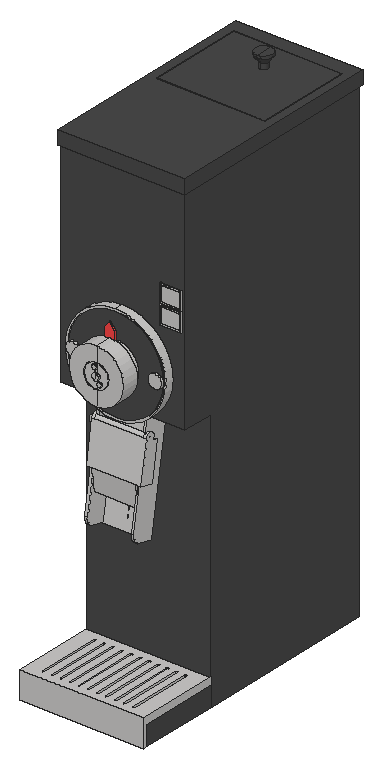
Revit family "QF_ELECTROLUXPROFESSIONAL_600659_E875B", category Specialty Equipment, Revit 2018
Family settings
  Round Connector Dimension = Use Diameter
  Part Type = Normal
  Work Plane-Based = No
  Always vertical = Yes
  Cut with Voids When Loaded = No
  Shared = No
  Room Calculation Point = No
Parameters
  Weight = 0.00 lbm
  Watts = 0 W
  Volts = 230 V
  URL Manufacturer = "http://professional.electrolux.com"
  URL = "http://professional.electrolux.com"
  Steam Supply Size = 0 mm
  Steam Supply Minimum Pressure = 0.00 psi
  Steam Supply Maximum Pressure = 0.00 psi
  Steam Pounds per Hour = 0
  Show Clearance [instance] = yes
  Refrigeration Suction Line Size = 0 mm
  Refrigeration Liquid Line Size = 0 mm
  Refrigerant Compressor Remote = yes
  Phase = 1
  Model = "E875B"
  Manufacturer = "Electrolux"
  Length Actual = 178 mm  # constant formula
  Item Number = "600659"
  Hot Water Size = 0 mm
  Height Actual = 711 mm  # constant formula
  HP = "1.1 HP"
  Gas Size = 0 mm
  Gas KW = 0
  Gas Input Pressure = 0.0 Btu/h
  Direct Waste Size = 0 mm
  Description = "GRINDER. ONE 1.4 KG HOPPER - BLACK"
  Depth Actual = 381 mm  # constant formula
  Cycle = 50 Hz
  Condensate Return Size = 0 mm
  Compressed Air Volume = 0 GPM
  Compressed Air Size = 0 mm
  Compressed Air Pressure = 0.00 psi
  Cold Water Size = 0 mm
  Accessory = yes
Reference planes
  plane 1 "BACK": y = 0
  plane 2: z = 0
  plane 3 "LEFT": x = 0
  plane 4 "RIGHT": x = 177.8
  plane 5 "FRONT": y = -381
  plane 6 "TOP": z = 685.8
  plane 7 "Center Y": x = 88.9
  plane 8 "Center X": y = -190.5
  plane 9: y = -355.6
  plane 10: z = 368.3
  plane 11: z = 38.1
  plane 12: z = 247.65
  plane 13: z = 426.161
Forms (mm)
  Extrusion 1, solid, material "QF_Plastic - Black - Smooth"
    sketch origin (0, 0, 0) x (0, 1, 0) y (0, 0, 1)
      loop
        line (-309.442, 666.75) -> (-309.442, 368.3) -> (-264.385, 368.3) -> (-264.385, 0) -> (-3.747, 0) -> (-3.747, 666.75) -> (-309.442, 666.75)
    from 2.013 to 175.787
  Extrusion 2, solid, material "QF_Metal - Stainless - Polished"
    sketch origin (0, -309.442, 666.75) x (0, 0, -1) y (1, 0, 0)
      loop
        circle (240.589, 88.9) r 69.85
      loop
        circle (240.589, 88.9) r 67.38
    from 0 to 12.481
  Extrusion 3, solid, material "QF_Plastic - Black - Smooth"
    sketch origin (0, -309.442, 666.75) x (0, 0, -1) y (1, 0, 0)
      loop
        circle (240.589, 88.9) r 67.38
    from 0 to 12.481
  Extrusion 4, solid, material "QF_Metal - Stainless - Polished"
    sketch origin (88.9, -355.6, 426.952) x (0, 0, 1) y (-1, 0, 0)
      loop
        circle (10.204, 2.254) r 3.175
      loop
        circle (-10.006, -4.691) r 3.175
    from 0 to 0.794
  Extrusion 5, solid, material "QF_Metal - Stainless - Polished"
    sketch origin (0, -309.442, 666.75) x (0, 0, -1) y (1, 0, 0)
      loop
        line (124.105, 142.513) -> (149.505, 142.513) -> (149.505, 171.705) -> (124.105, 171.705) -> (124.105, 142.513)
      loop
        line (176.95, 142.513) -> (176.95, 171.705) -> (151.55, 171.705) -> (151.55, 142.513) -> (176.95, 142.513)
      loop
        line (125.692, 170.117) -> (125.692, 144.101) -> (147.917, 144.101) -> (147.917, 170.117) -> (125.692, 170.117)
      loop
        line (153.138, 170.117) -> (153.138, 144.101) -> (175.363, 144.101) -> (175.363, 170.117) -> (153.138, 170.117)
    from 0 to 1.588
  Extrusion 6, solid, material "QF_Metal - Stainless - Polished"
    sketch origin (0, -309.442, 666.75) x (0, 0, -1) y (1, 0, 0)
      loop
        line (147.917, 144.101) -> (147.917, 170.117) -> (125.692, 170.117) -> (125.692, 144.101) -> (147.917, 144.101)
      loop
        line (153.138, 144.101) -> (175.363, 144.101) -> (175.363, 170.117) -> (153.138, 170.117) -> (153.138, 144.101)
    from 0 to 1.588
  Extrusion 7, solid, material "QF_Metal - Stainless - Polished"
    sketch origin (0, 0, 0) x (0, 1, 0) y (0, 0, 1)
      loop
        line (-377.825, 27.995) -> (-377.825, 0) -> (-264.385, 0) -> (-264.385, 27.995) -> (-377.825, 27.995)
    from 2.013 to 175.787
  Extrusion 8, solid, material "QF_Metal - Stainless - Polished"
    sketch origin (0, -264.385, 387.35) x (0, 0, -1) y (1, 0, 0)
      loop
        line (359.355, 2.013) -> (359.355, 5.188) -> (349.25, 5.188) -> (349.25, 2.013) -> (359.355, 2.013)
      loop
        line (359.355, 175.787) -> (349.25, 175.787) -> (349.25, 172.612) -> (359.355, 172.612) -> (359.355, 175.787)
    from 0 to 113.44
  Extrusion 9, solid, material "QF_Metal - Stainless - Polished"
    sketch origin (7.246, -264.385, 38.1) x (-1, 0, 0) y (0, -1, 0)
      loop
        line (2.058, 0) -> (2.058, 113.44) -> (-165.367, 113.44) -> (-165.367, 0) -> (2.058, 0)
      loop
        arc (-16.599, 104.033) -> (-18.187, 105.621) -> (-19.774, 104.033) r 1.587
        line (-19.774, 104.033) -> (-19.774, 14.918)
        arc (-19.774, 14.918) -> (-18.187, 13.331) -> (-16.599, 14.918) r 1.587
        line (-16.599, 14.918) -> (-16.599, 104.033)
      loop
        arc (-29.299, 104.033) -> (-30.887, 105.621) -> (-32.474, 104.033) r 1.587
        line (-32.474, 104.033) -> (-32.474, 14.918)
        arc (-32.474, 14.918) -> (-30.887, 13.331) -> (-29.299, 14.918) r 1.587
        line (-29.299, 14.918) -> (-29.299, 104.033)
      loop
        arc (-41.999, 104.033) -> (-43.587, 105.621) -> (-45.174, 104.033) r 1.587
        line (-45.174, 104.033) -> (-45.174, 14.918)
        arc (-45.174, 14.918) -> (-43.587, 13.331) -> (-41.999, 14.918) r 1.587
        line (-41.999, 14.918) -> (-41.999, 104.033)
      loop
        arc (-54.699, 104.033) -> (-56.287, 105.621) -> (-57.874, 104.033) r 1.587
        line (-57.874, 104.033) -> (-57.874, 14.918)
        arc (-57.874, 14.918) -> (-56.287, 13.331) -> (-54.699, 14.918) r 1.587
        line (-54.699, 14.918) -> (-54.699, 104.033)
      loop
        arc (-67.399, 104.033) -> (-68.987, 105.621) -> (-70.574, 104.033) r 1.587
        line (-70.574, 104.033) -> (-70.574, 14.918)
        arc (-70.574, 14.918) -> (-68.987, 13.331) -> (-67.399, 14.918) r 1.587
        line (-67.399, 14.918) -> (-67.399, 104.033)
      loop
        arc (-80.099, 104.033) -> (-81.687, 105.621) -> (-83.274, 104.033) r 1.587
        line (-83.274, 104.033) -> (-83.274, 14.918)
        arc (-83.274, 14.918) -> (-81.687, 13.331) -> (-80.099, 14.918) r 1.587
        line (-80.099, 14.918) -> (-80.099, 104.033)
      loop
        arc (-92.799, 104.033) -> (-94.387, 105.621) -> (-95.974, 104.033) r 1.587
        line (-95.974, 104.033) -> (-95.974, 14.918)
        arc (-95.974, 14.918) -> (-94.387, 13.331) -> (-92.799, 14.918) r 1.587
        line (-92.799, 14.918) -> (-92.799, 104.033)
      loop
        arc (-105.499, 104.033) -> (-107.087, 105.621) -> (-108.674, 104.033) r 1.587
        line (-108.674, 104.033) -> (-108.674, 14.918)
        arc (-108.674, 14.918) -> (-107.087, 13.331) -> (-105.499, 14.918) r 1.587
        line (-105.499, 14.918) -> (-105.499, 104.033)
      loop
        arc (-118.199, 104.033) -> (-119.787, 105.621) -> (-121.374, 104.033) r 1.587
        line (-121.374, 104.033) -> (-121.374, 14.918)
        arc (-121.374, 14.918) -> (-119.787, 13.331) -> (-118.199, 14.918) r 1.587
        line (-118.199, 14.918) -> (-118.199, 104.033)
      loop
        arc (-130.899, 104.033) -> (-132.487, 105.621) -> (-134.074, 104.033) r 1.587
        line (-134.074, 104.033) -> (-134.074, 14.918)
        arc (-134.074, 14.918) -> (-132.487, 13.331) -> (-130.899, 14.918) r 1.587
        line (-130.899, 14.918) -> (-130.899, 104.033)
      loop
        arc (-143.599, 104.033) -> (-145.187, 105.621) -> (-146.774, 104.033) r 1.587
        line (-146.774, 104.033) -> (-146.774, 14.918)
        arc (-146.774, 14.918) -> (-145.187, 13.331) -> (-143.599, 14.918) r 1.587
        line (-143.599, 14.918) -> (-143.599, 104.033)
    from 0 to -3.175
  Extrusion 10, solid, material "QF_Metal - Stainless - Polished"
    sketch origin (0, -377.825, 34.674) x (0, 0, 1) y (-1, 0, 0)
      loop
        line (-34.674, -2.013) -> (-34.674, -175.787) -> (3.426, -175.787) -> (3.426, -2.013) -> (-34.674, -2.013)
    from 0 to 3.175
  Extrusion 11, solid, material "QF_Door-Drawer Clearances", visible <- "Show Clearance", detail levels coarse
    sketch origin (0, 0, 0) x (0, 1, 0) y (0, 0, 1)
      loop
        line (-155.281, 685.8) -> (-19.75, 685.8)
        arc (-19.75, 685.8) -> (-71.644, 756.009) -> (-155.281, 781.05) r 138.068
        line (-155.281, 781.05) -> (-155.281, 685.8)
    from 12.7 to 165.1
  Extrusion 12, solid, material "QF_Metal - Stainless - Polished"
    sketch origin (0, 0, -19.05) x (0, 1, 0) y (0, 0, 1)
      loop
        line (-274.945, 387.35) -> (-307.929, 387.35) -> (-332.59, 247.495)
        arc (-332.59, 247.495) -> (-330.734, 238.372) -> (-323.155, 232.967) r 12.7
        line (-323.155, 232.967) -> (-303.051, 227.954) -> (-274.945, 387.35)
    from 54.596 to 57.778
  Extrusion 13, solid, material "QF_Metal - Stainless - Polished"
    sketch origin (177.8, 0, -19.05) x (0, 1, 0) y (0, 0, -1)
      loop
        line (-274.945, -387.35) -> (-303.051, -227.954) -> (-323.155, -232.967)
        arc (-323.155, -232.967) -> (-330.734, -238.372) -> (-332.59, -247.495) r 12.7
        line (-332.59, -247.495) -> (-307.929, -387.35) -> (-274.945, -387.35)
    from 54.596 to 57.778
  Extrusion 14, solid, material "QF_Metal - Stainless - Polished"
    sketch origin (177.8, 0, -19.05) x (0, 1, 0) y (0, 0, -1)
      loop
        line (-274.945, -387.35) -> (-303.051, -227.954) -> (-306.139, -228.724) -> (-278.169, -387.35) -> (-274.945, -387.35)
    from 57.778 to 120.022
  Extrusion 15, solid, material "QF_Metal - Stainless - Polished"
    sketch origin (88.9, 0, -6.35) x (0, 1, 0) y (0, 0, 1)
      loop
        line (-294.166, 278.341) -> (-302.411, 231.58) -> (-295.737, 231.58)
        arc (-295.737, 231.58) -> (-290.17, 232.688) -> (-285.45, 235.841) r 14.548
        line (-285.45, 235.841) -> (-279.129, 242.162)
        arc (-279.129, 242.162) -> (-274.751, 252.734) -> (-279.129, 263.305) r 14.95
        line (-279.129, 263.305) -> (-294.166, 278.341)
    from -1.588 to 1.588
  Extrusion 16, solid, material "QF_Metal - Stainless - Polished"
    sketch origin (88.9, 0, -6.35) x (0, 1, 0) y (0, 0, 1)
      loop
        line (-288.967, 273.143) -> (-279.129, 263.305)
        arc (-279.129, 263.305) -> (-274.751, 252.734) -> (-279.129, 242.162) r 14.95
        line (-279.129, 242.162) -> (-285.45, 235.841)
        arc (-285.45, 235.841) -> (-287.655, 234.032) -> (-290.17, 232.688) r 14.548
        line (-290.17, 232.688) -> (-264.385, 188.026) -> (-264.385, 297.726) -> (-288.967, 273.143)
    from -1.588 to 1.588
  Extrusion 17, solid, material "QF_Metal - Stainless - Polished"
    sketch origin (177.8, 0, -19.05) x (0, 1, 0) y (0, 0, -1)
      loop
        line (-297.625, -354.366) -> (-306.973, -301.35) -> (-325.503, -305.97) -> (-315.625, -361.989)
        arc (-315.625, -361.989) -> (-308.269, -367.14) -> (-303.118, -359.784) r 6.35
        line (-303.118, -359.784) -> (-303.879, -355.468) -> (-297.625, -354.366)
      loop
        circle (-308.881, -362.582) r 1.85
    from 54.596 to 50.8
  Extrusion 18, solid, material "QF_Metal - Stainless - Polished"
    sketch origin (0, 0, -19.05) x (0, 1, 0) y (0, 0, 1)
      loop
        line (-297.625, 354.366) -> (-303.879, 355.468) -> (-303.118, 359.784)
        arc (-303.118, 359.784) -> (-308.269, 367.14) -> (-315.625, 361.989) r 6.35
        line (-315.625, 361.989) -> (-325.503, 305.97) -> (-306.973, 301.35) -> (-297.625, 354.366)
      loop
        circle (-308.881, 362.582) r 1.85
    from 54.596 to 50.8
  Extrusion 19, solid, material "QF_Metal - Stainless - Polished"
    sketch origin (177.8, 0, -19.05) x (0, 1, 0) y (0, 0, -1)
      loop
        line (-311.543, -366.854) -> (-322.414, -305.2) -> (-325.503, -305.97) -> (-315.625, -361.989)
        arc (-315.625, -361.989) -> (-314.236, -364.968) -> (-311.543, -366.854) r 6.35
    from 54.596 to 123.204
  Extrusion 20, solid, material "QF_Metal - Stainless - Polished"
    sketch origin (177.8, 0, -19.05) x (0, 1, 0) y (0, 0, -1)
      loop
        line (-322.414, -305.2) -> (-318.711, -275.034) -> (-321.66, -274.672) -> (-325.503, -305.97) -> (-322.414, -305.2)
    from 57.778 to 120.022
  Extrusion 21, solid, material "QF_Metal - Stainless - Polished"
    sketch origin (0, -264.385, 368.3) x (0, 0, -1) y (1, 0, 0)
      loop
        circle (62.446, 14.868) r 6.35
    from 0 to 3.175
  Revolve 22, solid, material "QF_Metal - Stainless - Polished"
    sketch origin (88.9, 0, -22.222) x (0, 1, 0) y (0, 0, 1)
      loop
        line (-357.61, 448.383) -> (-321.923, 448.383) -> (-321.923, 480.133) -> (-332.345, 480.133) -> (-332.345, 486.483) -> (-355.6, 486.483) -> (-355.6, 465.87) -> (-354.485, 465.87) -> (-354.485, 465.077) -> (-355.6, 465.077) -> (-355.6, 452.984) -> (-357.61, 452.984) -> (-357.61, 448.383)
      axis (-357.61, 448.383) -> (-321.923, 448.383)
    angle from 0 to 360
  Extrusion 23, solid, material "QF_Metal - Stainless - Polished"
    sketch origin (0, -321.923, 644.528) x (0, 0, -1) y (1, 0, 0)
      loop
        circle (218.367, 31.135) r 9.332
      loop
        circle (218.367, 146.665) r 9.332
    from 0 to 3.175
  Extrusion 24, solid, material "QF_Plastic - Red - Smooth"
    sketch origin (88.9, -332.345, 426.161) x (-1, 0, 0) y (0, 0, 1)
      loop
        line (7.332, 15.876) -> (7.332, 49.18) -> (0, 58.234) -> (-7.332, 49.18) -> (-7.332, 15.876)
        arc (-7.332, 15.876) -> (0, 17.487) -> (7.332, 15.876) r 17.487
    from 0 to 0.794
  Extrusion 25, solid, material "QF_Plastic - Black - Smooth"
    sketch origin (-975.299, -4572, 685.8) x (-1, 0, 0) y (0, -1, 0)
      loop
        line (-975.299, -4572) -> (-975.299, -4259.384) -> (-1153.099, -4259.384) -> (-1153.099, -4572) -> (-975.299, -4572)
      loop
        line (-987.999, -4552.25) -> (-987.999, -4416.719) -> (-1140.399, -4416.719) -> (-1140.399, -4552.25) -> (-987.999, -4552.25)
    from 0 to -19.05
  Extrusion 26, solid, material "QF_Plastic - Black - Smooth"
    sketch origin (-975.299, -4572, 685.8) x (-1, 0, 0) y (0, -1, 0)
      loop
        line (-987.999, -4552.25) -> (-987.999, -4416.719) -> (-1140.399, -4416.719) -> (-1140.399, -4552.25) -> (-987.999, -4552.25)
    from 0 to -19.05
  Revolve 27, solid, material "QF_Plastic - Black - Smooth"
    sketch origin (88.9, 183.335, 1219.2) x (0, 1, 0) y (0, 0, 1)
      loop
        line (-245.247, -513.819) -> (-257.154, -513.819) -> (-257.154, -517.187) -> (-250.761, -525.806) -> (-250.761, -533.4) -> (-245.247, -533.4) -> (-245.247, -513.819)
      axis (-245.247, -533.4) -> (-245.247, -513.819)
    angle from 0 to 360
Cuts and joins
  joined: Extrusion 8, Extrusion 9, Extrusion 10
  joined: Extrusion 17, Extrusion 18, Extrusion 19
Lines and regions (mm)
  Split face 1
    outline origin (0, -264.385, 387.35) x (0, 0, -1) y (1, 0, 0)
      loop
        line (222.858, 37.338) -> (248.258, 37.338) -> (248.258, 140.462) -> (222.858, 140.462) -> (222.858, 37.338)
  Split face 2
    outline origin (0, -309.442, 628.65) x (0, 0, -1) y (1, 0, 0)
      loop
        line (73.188, 10.037) -> (76.363, 10.037) -> (76.363, 167.763) -> (73.188, 167.763) -> (73.188, 10.037)
  Split face 3
    outline origin (0, -309.442, 624.681) x (0, 0, -1) y (1, 0, 0)
      loop
        line (73.188, 10.037) -> (76.363, 10.037) -> (76.363, 167.763) -> (73.188, 167.763) -> (73.188, 10.037)
  symbolic lines
    curve 1: line (0, 0, 0) -> (177.8, 0, 0)
    curve 2: line (0, -312.616, 0) -> (0, 0, 0)
    curve 3: line (177.8, -312.616, 0) -> (0, -312.616, 0)
    curve 4: line (177.8, 0, 0) -> (177.8, -312.616, 0)
    curve 5: line (175.787, -381, 0) -> (175.787, -312.616, 0)
    curve 6: line (2.013, -312.616, 0) -> (2.013, -381, 0)
    curve 7: line (2.013, -381, 0) -> (175.787, -381, 0)
    curve 8: line (19.05, -321.923, 0) -> (19.05, -312.616, 0)
    curve 9: line (19.05, -321.923, 0) -> (158.75, -321.923, 0)
    curve 10: line (158.75, -321.923, 0) -> (158.75, -312.616, 0)
    curve 11: line (23.845, -368.418, 0) -> (23.845, -325.098, 0)
    curve 12: line (27.02, -325.098, 0) -> (27.02, -368.418, 0)
    curve 13: arc (27.02, -368.418, 0) -> (25.432, -370.006, 0) -> (23.845, -368.418, 0) r 1.588
    curve 14: line (36.545, -368.418, 0) -> (36.545, -325.098, 0)
    curve 15: line (39.72, -325.098, 0) -> (39.72, -368.418, 0)
    curve 16: arc (39.72, -368.418, 0) -> (38.132, -370.006, 0) -> (36.545, -368.418, 0) r 1.588
    curve 17: line (40.468, -325.098, 0) -> (21.803, -325.098, 0)
    curve 18: line (21.803, -325.098, 0) -> (21.803, -321.923, 0)
    curve 19: line (40.468, -325.098, 0) -> (40.468, -321.923, 0)
    curve 20: line (153.955, -368.418, 0) -> (153.955, -325.098, 0)
    curve 21: line (150.78, -325.098, 0) -> (150.78, -368.418, 0)
    curve 22: arc (150.78, -368.418, 0) -> (152.368, -370.006, 0) -> (153.955, -368.418, 0) r 1.588
    curve 23: line (141.255, -368.418, 0) -> (141.255, -325.098, 0)
    curve 24: line (138.08, -325.098, 0) -> (138.08, -368.418, 0)
    curve 25: arc (138.08, -368.418, 0) -> (139.668, -370.006, 0) -> (141.255, -368.418, 0) r 1.588
    curve 26: line (155.997, -325.098, 0) -> (155.997, -321.923, 0)
    curve 27: line (155.997, -325.098, 0) -> (137.332, -325.098, 0)
    curve 28: line (137.332, -325.098, 0) -> (137.332, -321.923, 0)
    curve 29: line (49.245, -368.418, 0) -> (49.245, -321.923, 0)
    curve 30: line (52.42, -325.503, 0) -> (52.42, -332.345, 0)
    curve 31: arc (52.42, -368.418, 0) -> (50.832, -370.006, 0) -> (49.245, -368.418, 0) r 1.587
    curve 32: line (50.8, -332.345, 0) -> (127, -332.345, 0)
    curve 33: line (50.8, -355.6, 0) -> (50.8, -332.345, 0)
    curve 34: line (127, -355.6, 0) -> (50.8, -355.6, 0)
    curve 35: line (127, -332.345, 0) -> (127, -355.6, 0)
    curve 36: line (52.42, -355.6, 0) -> (52.42, -368.418, 0)
    curve 37: arc (65.12, -368.418, 0) -> (63.532, -370.006, 0) -> (61.945, -368.418, 0) r 1.587
    curve 38: arc (77.82, -368.418, 0) -> (76.232, -370.006, 0) -> (74.645, -368.418, 0) r 1.587
    curve 39: arc (103.22, -368.418, 0) -> (101.632, -370.006, 0) -> (100.045, -368.418, 0) r 1.587
    curve 40: arc (115.92, -368.418, 0) -> (114.332, -370.006, 0) -> (112.745, -368.418, 0) r 1.587
    curve 41: arc (128.62, -368.418, 0) -> (127.032, -370.006, 0) -> (125.445, -368.418, 0) r 1.587
    curve 42: line (61.945, -368.418, 0) -> (61.945, -355.6, 0)
    curve 43: line (65.12, -368.418, 0) -> (65.12, -355.6, 0)
    curve 44: line (74.645, -368.418, 0) -> (74.645, -355.6, 0)
    curve 45: line (77.82, -368.418, 0) -> (77.82, -355.6, 0)
    curve 46: line (100.045, -368.418, 0) -> (100.045, -355.6, 0)
    curve 47: line (103.22, -368.418, 0) -> (103.22, -355.6, 0)
    curve 48: line (112.745, -368.418, 0) -> (112.745, -355.6, 0)
    curve 49: line (115.92, -368.418, 0) -> (115.92, -355.6, 0)
    curve 50: line (125.445, -368.418, 0) -> (125.445, -355.6, 0)
    curve 51: line (128.62, -368.418, 0) -> (128.62, -321.923, 0)
    curve 52: line (87.345, -368.418, 0) -> (87.345, -357.61, 0)
    curve 53: line (90.52, -368.418, 0) -> (90.52, -357.61, 0)
    curve 54: line (84.3, -357.61, 0) -> (84.3, -356.394, 0)
    curve 55: line (84.3, -356.394, 0) -> (83.471, -356.394, 0)
    curve 56: line (83.471, -356.394, 0) -> (83.471, -355.6, 0)
    curve 57: line (84.3, -357.61, 0) -> (93.5, -357.61, 0)
    curve 58: line (93.5, -357.61, 0) -> (93.5, -356.394, 0)
    curve 59: line (93.5, -356.394, 0) -> (96.766, -356.394, 0)
    curve 60: line (96.766, -356.394, 0) -> (96.766, -355.6, 0)
    curve 61: line (89.821, -356.394, 0) -> (89.821, -355.6, 0)
    curve 62: line (84.3, -356.394, 0) -> (89.821, -356.394, 0)
    curve 63: line (120.65, -321.923, 0) -> (120.65, -332.345, 0)
    curve 64: line (57.15, -321.923, 0) -> (57.15, -332.345, 0)
    curve 65: line (50.8, -325.503, 0) -> (57.15, -325.503, 0)
    curve 66: line (50.8, -325.503, 0) -> (50.8, -321.923, 0)
    curve 67: line (123.204, -325.503, 0) -> (123.204, -332.345, 0)
    curve 68: line (125.445, -325.503, 0) -> (125.445, -332.345, 0)
    curve 69: line (12.7, -19.75, 685.8) -> (165.1, -19.75, 685.8)
    curve 70: line (12.7, -155.281, 685.8) -> (12.7, -19.75, 685.8)
    curve 71: line (165.1, -155.281, 685.8) -> (12.7, -155.281, 685.8)
    curve 72: line (165.1, -19.75, 685.8) -> (165.1, -155.281, 685.8)
    curve 73: circle (88.9, -61.912, 685.8) r 11.906 normal (0, 0, 1)
    curve 74: line (127, -325.503, 685.8) -> (127, -321.923, 685.8)
    curve 75: line (127, -325.503, 685.8) -> (120.65, -325.503, 685.8)
    curve 76: line (54.596, -325.503, 685.8) -> (54.596, -332.345, 685.8)
    curve 77: arc (90.52, -368.418, 685.8) -> (88.932, -370.006, 685.8) -> (87.345, -368.418, 685.8) r 1.587
Dimensions and locks
  equal spacing: plane 3 "LEFT", plane 7 "Center Y", plane 4 "RIGHT"
  plane 3 "LEFT" to plane 4 "RIGHT" = 177.8 mm
  equal spacing: plane 5 "FRONT", plane 8 "Center X", plane 1 "BACK"
  plane 5 "FRONT" to plane 1 "BACK" = 381 mm  (x2)
  plane 6 "TOP" to level = 685.8 mm
  plane 9 to plane 1 "BACK" = 355.6 mm
  plane 6 "TOP" to plane 2 = 685.8 mm
  plane 2 to plane 11 = 38.1 mm
  plane 11 to plane 10 = 330.2 mm
  plane 11 to plane 12 = 209.55 mm
  aligned and locked: plane 2 to level
Automatic sketch dimensions
  curve 3 to plane 3 "LEFT" = 0 mm
  plane 5 "FRONT" to curve 6 = 0 mm
  curve 34 to plane 9 = 0 mm
  curve 3 to plane 4 "RIGHT" = 0 mm
  plane 1 "BACK" to curve 1 = 0 mm
  plane 3 "LEFT" to curve 6 = 2.013 mm
  plane 3 "LEFT" to curve 8 = 19.05 mm
  curve 8 to curve 18 = 2.753 mm
  plane 3 "LEFT" to curve 11 = 23.845 mm
  curve 11 to curve 13 = 1.587 mm
  curve 13 to curve 14 = 9.525 mm
  curve 16 to curve 16 = 1.588 mm
  curve 15 to curve 17 = 0.748 mm
  curve 15 to curve 29 = 9.525 mm
  curve 29 to curve 66 = 1.555 mm
  curve 29 to curve 34 = 1.555 mm
  curve 29 to curve 31 = 1.587 mm
  curve 31 to curve 42 = 9.525 mm
  curve 42 to curve 37 = 1.587 mm
  curve 37 to curve 44 = 9.525 mm
  curve 44 to curve 38 = 1.587 mm
  curve 56 to plane 9 = 0.794 mm
  curve 56 to plane 7 "Center Y" = 5.429 mm
  curve 55 to curve 54 = 0.829 mm
  plane 7 "Center Y" to curve 62 = 0.921 mm
  curve 59 to plane 9 = 0.794 mm
  curve 61 to curve 59 = 3.68 mm
  curve 58 to curve 60 = 3.266 mm
  plane 7 "Center Y" to curve 46 = 11.145 mm
  curve 39 to curve 39 = 1.587 mm
  curve 39 to curve 48 = 9.525 mm
  curve 48 to curve 40 = 1.587 mm
  curve 49 to curve 50 = 9.525 mm
  curve 50 to curve 35 = 1.555 mm
  curve 50 to curve 41 = 1.587 mm
  curve 51 to curve 27 = 8.713 mm
  curve 51 to curve 24 = 9.461 mm
  curve 24 to curve 25 = 1.587 mm
  curve 25 to curve 21 = 9.525 mm
  curve 22 to curve 22 = 1.587 mm
  curve 20 to curve 27 = 2.042 mm
  curve 26 to curve 9 = 2.753 mm
  plane 4 "RIGHT" to curve 5 = 2.013 mm
  curve 40 to plane 5 "FRONT" = 12.582 mm
  curve 39 to curve 40 = 0 mm
  curve 44 to plane 5 "FRONT" = 12.582 mm
  curve 37 to curve 38 = 0 mm
  curve 36 to curve 37 = 0 mm
  curve 11 to plane 5 "FRONT" = 12.582 mm
  curve 13 to curve 14 = 0 mm
  curve 20 to plane 5 "FRONT" = 12.582 mm
  curve 51 to plane 5 "FRONT" = 12.582 mm
  curve 23 to curve 21 = 0 mm
  curve 57 to curve 58 = 1.216 mm
  curve 33 to curve 33 = 23.255 mm
  curve 32 to curve 66 = 6.843 mm
  curve 32 to curve 27 = 7.248 mm
  curve 65 to curve 19 = 0.405 mm
  curve 26 to curve 10 = 3.175 mm
  curve 8 to curve 3 = 9.307 mm
  curve 32 to curve 30 = 1.62 mm
  curve 30 to curve 64 = 4.73 mm
  curve 52 to plane 7 "Center Y" = 1.555 mm
  plane 7 "Center Y" to curve 53 = 1.62 mm
  curve 63 to curve 32 = 6.35 mm
  curve 63 to curve 67 = 2.554 mm
  curve 68 to curve 32 = 1.555 mm
  curve 53 to curve 46 = 0 mm
  curve 52 to curve 53 = 0 mm
  curve 67 to curve 63 = 3.58 mm
  curve 67 to curve 68 = 0 mm
  Extrusion 1 sketch curve to plane 10 = 0 mm
  Extrusion 1 sketch curve to level = 0 mm
  plane 9 to Extrusion 1 sketch curve = 46.158 mm
  Extrusion 1 sketch curve to plane 8 "Center X" = 73.885 mm
  plane 1 "BACK" to Extrusion 1 sketch curve = 3.747 mm
  Extrusion 1 sketch curve to plane 6 "TOP" = 19.05 mm
  Split face 1 sketch curve to Extrusion 1 = 35.325 mm  (x2)
  Split face 1 sketch curve to Extrusion 1 = 164.492 mm
  Split face 1 sketch curve to Split face 1 sketch curve = 25.4 mm
  Extrusion 2 sketch curve to Extrusion 2 sketch curve = 0 mm  (x6)
  Extrusion 1 to Extrusion 2 sketch curve = 57.861 mm
  Extrusion 1 to Extrusion 2 sketch curve = 86.887 mm
  Extrusion 2 sketch curve to Extrusion 2 sketch curve = 67.38 mm
  Extrusion 1 to Extrusion 3 sketch curve = 57.861 mm
  Extrusion 1 to Extrusion 3 sketch curve = 86.887 mm
  Extrusion 4 sketch curve to plane 13 = 9.216 mm
  Extrusion 4 sketch curve to plane 7 "Center Y" = 2.254 mm
  plane 13 to Extrusion 4 sketch curve = 10.995 mm
  plane 7 "Center Y" to Extrusion 4 sketch curve = 4.691 mm
  Extrusion 1 to Extrusion 5 sketch curve = 4.083 mm
  Extrusion 1 to Extrusion 5 sketch curve = 124.105 mm
  Extrusion 5 sketch curve to Extrusion 5 sketch curve = 1.587 mm  (x5)
  Extrusion 1 to Extrusion 5 sketch curve = 5.67 mm  (x2)
  Extrusion 5 sketch curve to Extrusion 5 sketch curve = 22.225 mm  (x2)
  Extrusion 5 sketch curve to Extrusion 5 sketch curve = 2.045 mm
  Extrusion 5 sketch curve to Extrusion 5 sketch curve = 26.016 mm
  Extrusion 5 sketch curve to Extrusion 5 sketch curve = 0 mm  (x2)
  Extrusion 5 sketch curve to Extrusion 5 sketch curve = 1.588 mm
  Extrusion 1 to Extrusion 6 sketch curve = 31.686 mm
  Extrusion 1 to Extrusion 6 sketch curve = 125.692 mm
  Extrusion 1 to Extrusion 6 sketch curve = 5.67 mm  (x2)
  Extrusion 6 sketch curve to Extrusion 6 sketch curve = 22.225 mm  (x2)
  Extrusion 6 sketch curve to Extrusion 6 sketch curve = 5.22 mm
  Extrusion 6 sketch curve to Extrusion 6 sketch curve = 0 mm
  Split face 2 sketch curve to Extrusion 1 = 8.024 mm  (x2)
  Split face 2 sketch curve to Extrusion 1 = 111.288 mm
  Split face 2 sketch curve to Split face 2 sketch curve = 3.175 mm
  Split face 3 sketch curve to Extrusion 1 = 8.024 mm  (x2)
  Split face 3 sketch curve to Extrusion 1 = 115.257 mm
  Split face 3 sketch curve to Split face 3 sketch curve = 3.175 mm
  Extrusion 7 sketch curve to level = 0 mm
  Extrusion 7 sketch curve to plane 5 "FRONT" = 3.175 mm
  Extrusion 7 sketch curve to plane 8 "Center X" = 73.885 mm
  plane 11 to Extrusion 7 sketch curve = 10.105 mm
  Extrusion 8 sketch curve to Extrusion 1 = 0 mm
  Extrusion 1 to Extrusion 8 sketch curve = 0 mm
  Extrusion 1 to Extrusion 8 sketch curve = 3.175 mm  (x2)
  Extrusion 8 sketch curve to Extrusion 1 = 38.1 mm  (x2)
  Extrusion 8 sketch curve to Extrusion 8 sketch curve = 10.105 mm  (x2)
  Extrusion 8 to Extrusion 9 sketch curve = 0 mm  (x2)
  Extrusion 9 sketch curve to Extrusion 8 = 0 mm
  Extrusion 9 sketch curve to Extrusion 8 = 18.657 mm
  Extrusion 9 sketch curve to Extrusion 9 sketch curve = 1.587 mm  (x11)
  Extrusion 9 sketch curve to Extrusion 9 sketch curve = 9.525 mm  (x10)
  Extrusion 9 sketch curve to Extrusion 9 sketch curve = 18.593 mm
  Extrusion 8 to Extrusion 9 sketch curve = 14.918 mm  (x2)
  Extrusion 9 sketch curve to Extrusion 9 sketch curve = 0 mm  (x9)
  Extrusion 8 to Extrusion 9 sketch curve = 9.407 mm  (x11)
  Extrusion 7 to Extrusion 10 sketch curve = 0 mm
  Extrusion 10 sketch curve to Extrusion 7 = 0 mm  (x2)
  Extrusion 10 sketch curve to Extrusion 7 = 10.105 mm
  Extrusion 12 sketch curve to plane 10 = 0 mm
  plane 9 to Extrusion 12 sketch curve = 23.01 mm
  Extrusion 12 sketch curve to Extrusion 12 sketch curve = 9.435 mm
  Extrusion 12 sketch curve to Extrusion 12 sketch curve = 3.072 mm
  plane 9 to Extrusion 12 sketch curve = 47.671 mm
  Extrusion 12 sketch curve to Extrusion 12 sketch curve = 20.104 mm
  Extrusion 12 sketch curve to Extrusion 12 sketch curve = 32.984 mm
  plane 12 to Extrusion 12 sketch curve = 19.205 mm
  Extrusion 12 sketch curve to Extrusion 12 sketch curve = 2.205 mm
  Extrusion 12 sketch curve to Extrusion 12 sketch curve = 5.013 mm
  Extrusion 13 sketch curve to plane 10 = 0 mm
  plane 9 to Extrusion 13 sketch curve = 23.01 mm
  Extrusion 13 sketch curve to Extrusion 13 sketch curve = 9.435 mm
  Extrusion 13 sketch curve to Extrusion 13 sketch curve = 3.072 mm
  plane 9 to Extrusion 13 sketch curve = 47.671 mm
  Extrusion 13 sketch curve to Extrusion 13 sketch curve = 20.104 mm
  Extrusion 13 sketch curve to Extrusion 13 sketch curve = 32.984 mm
  plane 12 to Extrusion 13 sketch curve = 19.205 mm
  Extrusion 13 sketch curve to Extrusion 13 sketch curve = 2.205 mm
  Extrusion 13 sketch curve to Extrusion 13 sketch curve = 5.013 mm
  Extrusion 14 sketch curve to plane 10 = 0 mm
  plane 9 to Extrusion 14 sketch curve = 49.461 mm
  Extrusion 14 sketch curve to Extrusion 14 sketch curve = 3.088 mm
  plane 9 to Extrusion 14 sketch curve = 77.431 mm
  Extrusion 14 sketch curve to Extrusion 14 sketch curve = 3.224 mm
  plane 12 to Extrusion 14 sketch curve = 37.976 mm
  Extrusion 14 sketch curve to Extrusion 14 sketch curve = 0.77 mm
  plane 12 to Extrusion 15 sketch curve = 22.42 mm
  plane 9 to Extrusion 15 sketch curve = 53.189 mm
  Extrusion 15 sketch curve to Extrusion 15 sketch curve = 6.674 mm
  Extrusion 15 sketch curve to plane 12 = 24.341 mm
  Extrusion 15 sketch curve to Extrusion 15 sketch curve = 1.571 mm
  plane 12 to Extrusion 15 sketch curve = 1.266 mm
  Extrusion 15 sketch curve to Extrusion 15 sketch curve = 6.037 mm
  plane 12 to Extrusion 15 sketch curve = 18.159 mm
  Extrusion 15 sketch curve to Extrusion 15 sketch curve = 10.287 mm
  plane 12 to Extrusion 15 sketch curve = 11.838 mm
  Extrusion 15 sketch curve to Extrusion 15 sketch curve = 6.321 mm
  Extrusion 15 sketch curve to plane 12 = 9.305 mm
  plane 12 to Extrusion 16 sketch curve = 7.872 mm
  plane 9 to Extrusion 16 sketch curve = 59.863 mm
  plane 12 to Extrusion 16 sketch curve = 21.312 mm
  Extrusion 16 sketch curve to Extrusion 16 sketch curve = 5.567 mm
  plane 12 to Extrusion 16 sketch curve = 1.266 mm
  Extrusion 16 sketch curve to Extrusion 16 sketch curve = 6.037 mm
  Extrusion 16 sketch curve to plane 12 = 19.143 mm
  Extrusion 16 sketch curve to Extrusion 16 sketch curve = 0.733 mm
  plane 12 to Extrusion 16 sketch curve = 18.159 mm
  plane 12 to Extrusion 16 sketch curve = 11.838 mm
  Extrusion 16 sketch curve to Extrusion 16 sketch curve = 6.321 mm
  Extrusion 16 sketch curve to plane 12 = 9.305 mm
  Extrusion 16 sketch curve to plane 12 = 43.726 mm
  Extrusion 16 sketch curve to Extrusion 16 sketch curve = 44.661 mm
  plane 9 to Extrusion 17 sketch curve = 30.097 mm
  plane 9 to Extrusion 17 sketch curve = 39.975 mm
  Extrusion 17 sketch curve to Extrusion 17 sketch curve = 6.254 mm
  Extrusion 17 sketch curve to Extrusion 17 sketch curve = 0.491 mm
  Extrusion 17 sketch curve to Extrusion 17 sketch curve = 18.529 mm
  Extrusion 17 sketch curve to plane 10 = 31.882 mm
  Extrusion 17 sketch curve to Extrusion 17 sketch curve = 5.493 mm
  Extrusion 17 sketch curve to plane 10 = 27.566 mm
  Extrusion 17 sketch curve to Extrusion 17 sketch curve = 0.761 mm
  level to Extrusion 17 sketch curve = 335.316 mm
  Extrusion 17 sketch curve to Extrusion 17 sketch curve = 1.103 mm
  Extrusion 17 sketch curve to Extrusion 17 sketch curve = 1.696 mm
  Extrusion 17 sketch curve to Extrusion 17 sketch curve = 4.62 mm
  plane 9 to Extrusion 18 sketch curve = 30.097 mm
  plane 9 to Extrusion 18 sketch curve = 39.975 mm
  Extrusion 18 sketch curve to Extrusion 18 sketch curve = 6.254 mm
  Extrusion 18 sketch curve to Extrusion 18 sketch curve = 0.491 mm
  Extrusion 18 sketch curve to Extrusion 18 sketch curve = 18.529 mm
  Extrusion 18 sketch curve to plane 10 = 31.882 mm
  Extrusion 18 sketch curve to Extrusion 18 sketch curve = 5.493 mm
  Extrusion 18 sketch curve to plane 10 = 27.566 mm
  Extrusion 18 sketch curve to Extrusion 18 sketch curve = 0.761 mm
  level to Extrusion 18 sketch curve = 335.316 mm
  Extrusion 18 sketch curve to Extrusion 18 sketch curve = 4.62 mm
  Extrusion 18 sketch curve to Extrusion 18 sketch curve = 1.103 mm
  Extrusion 18 sketch curve to Extrusion 18 sketch curve = 1.696 mm
  plane 9 to Extrusion 19 sketch curve = 30.097 mm
  Extrusion 19 sketch curve to Extrusion 19 sketch curve = 3.088 mm
  plane 9 to Extrusion 19 sketch curve = 39.975 mm
  Extrusion 19 sketch curve to plane 10 = 20.496 mm
  Extrusion 19 sketch curve to Extrusion 19 sketch curve = 4.082 mm
  Extrusion 19 sketch curve to Extrusion 19 sketch curve = 6.254 mm
  Extrusion 19 sketch curve to Extrusion 19 sketch curve = 4.864 mm
  Extrusion 19 sketch curve to plane 12 = 39.27 mm
  Extrusion 19 sketch curve to Extrusion 19 sketch curve = 0.77 mm
  plane 9 to Extrusion 20 sketch curve = 30.097 mm
  Extrusion 20 sketch curve to Extrusion 20 sketch curve = 3.088 mm
  Extrusion 20 sketch curve to plane 12 = 7.972 mm
  Extrusion 20 sketch curve to Extrusion 20 sketch curve = 0.755 mm
  level to Extrusion 20 sketch curve = 255.984 mm
  Extrusion 20 sketch curve to Extrusion 20 sketch curve = 2.949 mm
  plane 3 "LEFT" to Extrusion 21 sketch curve = 14.868 mm
  Extrusion 21 sketch curve to plane 12 = 58.204 mm
  Revolve 22 sketch curve to plane 13 = 0 mm  (x2)
  Revolve 22 sketch curve to plane 9 = 0 mm  (x2)
  Revolve 22 sketch curve to plane 9 = 2.01 mm
  plane 9 to Revolve 22 sketch curve = 1.115 mm
  plane 9 to Revolve 22 sketch curve = 23.255 mm
  Revolve 22 sketch curve to Revolve 22 sketch curve = 10.423 mm
  Revolve 22 sketch curve to Revolve 22 sketch curve = 4.6 mm
  Revolve 22 sketch curve to Revolve 22 sketch curve = 12.093 mm
  Revolve 22 sketch curve to Revolve 22 sketch curve = 0.794 mm
  Revolve 22 sketch curve to Revolve 22 sketch curve = 14.263 mm
  Revolve 22 sketch curve to Revolve 22 sketch curve = 6.35 mm
  Revolve 22 sketch curve to Revolve 22 sketch curve = 0 mm
  Revolve 22 sketch curve to Revolve 22 sketch curve = 19.05 mm
  Extrusion 23 sketch curve to plane 13 = 0 mm  (x2)
  plane 3 "LEFT" to Extrusion 23 sketch curve = 31.135 mm
  plane 4 "RIGHT" to Extrusion 23 sketch curve = 31.135 mm
  Revolve 22 to Extrusion 24 sketch curve = 0 mm
  Revolve 22 to Extrusion 24 sketch curve = 7.332 mm
  Extrusion 24 sketch curve to Revolve 22 = 7.332 mm
  Extrusion 24 sketch curve to Extrusion 24 sketch curve = 33.304 mm
  Extrusion 24 sketch curve to Extrusion 24 sketch curve = 0 mm
  Extrusion 24 sketch curve to Extrusion 24 sketch curve = 9.054 mm
  plane 1 "BACK" to Extrusion 25 sketch curve = 0 mm
  Extrusion 25 sketch curve to plane 4 "RIGHT" = 0 mm
  Extrusion 25 sketch curve to plane 3 "LEFT" = 0 mm
  plane 4 "RIGHT" to Extrusion 25 sketch curve = 12.7 mm
  plane 3 "LEFT" to Extrusion 25 sketch curve = 12.7 mm
  plane 1 "BACK" to Extrusion 25 sketch curve = 19.75 mm
  plane 8 "Center X" to Extrusion 25 sketch curve = 35.219 mm
  plane 9 to Extrusion 25 sketch curve = 42.984 mm
  plane 4 "RIGHT" to Extrusion 26 sketch curve = 12.7 mm
  plane 3 "LEFT" to Extrusion 26 sketch curve = 12.7 mm
  plane 1 "BACK" to Extrusion 26 sketch curve = 19.75 mm
  plane 8 "Center X" to Extrusion 26 sketch curve = 35.219 mm
  Revolve 27 sketch curve to plane 6 "TOP" = 0 mm
  plane 6 "TOP" to Revolve 27 sketch curve = 16.213 mm
  plane 1 "BACK" to Revolve 27 sketch curve = 73.819 mm
  plane 6 "TOP" to Revolve 27 sketch curve = 7.594 mm
  Revolve 27 sketch curve to Revolve 27 sketch curve = 6.392 mm
  Revolve 27 sketch curve to Revolve 27 sketch curve = 11.906 mm
  Revolve 27 sketch curve to Revolve 27 sketch curve = 3.368 mm
  Revolve 27 sketch curve to Revolve 27 sketch curve = 0 mm
  Revolve 27 sketch curve to plane 6 "TOP" = 28.378 mm
  Revolve 27 sketch curve to Revolve 27 sketch curve = 0.531 mm
  Extrusion 11 sketch curve to plane 6 "TOP" = 0 mm
  plane 1 "BACK" to Extrusion 11 sketch curve = 19.75 mm
  plane 8 "Center X" to Extrusion 11 sketch curve = 39.468 mm
  plane 8 "Center X" to Extrusion 11 sketch curve = 35.219 mm
  Extrusion 11 sketch curve to plane 6 "TOP" = 42.752 mm
  curve 73 to plane 7 "Center Y" = 0 mm
  plane 7 "Center Y" to curve 75 = 38.1 mm
  plane 4 "RIGHT" to curve 72 = 12.7 mm
  plane 3 "LEFT" to curve 70 = 12.7 mm
  plane 1 "BACK" to curve 69 = 19.75 mm
  plane 1 "BACK" to curve 73 = 61.912 mm
  plane 8 "Center X" to curve 70 = 35.219 mm
  plane 9 to curve 75 = 30.097 mm
  curve 74 to curve 75 = 6.35 mm
  curve 76 to plane 7 "Center Y" = 34.304 mm
  curve 74 to curve 74 = 3.58 mm
  plane 9 to curve 76 = 30.097 mm
  curve 76 to curve 76 = 6.843 mm
  radius of Extrusion 2 sketch curve = 69.85 mm
  radius of Extrusion 3 sketch curve = 67.38 mm
  radius of Extrusion 4 sketch curve = 3.175 mm  (x2)
  radius of Extrusion 17 sketch curve = 1.85 mm
  radius of Extrusion 18 sketch curve = 1.85 mm
  radius of Extrusion 21 sketch curve = 6.35 mm
  radius of Extrusion 23 sketch curve = 9.332 mm  (x2)
  radius of Extrusion 24 sketch curve to Revolve 22 = 14.263 mm
  radius of curve 73 = 11.906 mm
Connectors
  electrical at (14.868, -267.56, 305.854)
    settings: on Extrusion 21, index 1, voltage 115 V, apparent load 920 VA, apparent load phase1 0 VA, apparent load phase2 0 VA, apparent load phase3 0 VA, power factor 1, load classification "Other", number of poles 1, system type 30, power factor state 1, is connector primary yes, connector utility no, sub classification motor no, connector description "ELECTRICAL CONNECTION"
